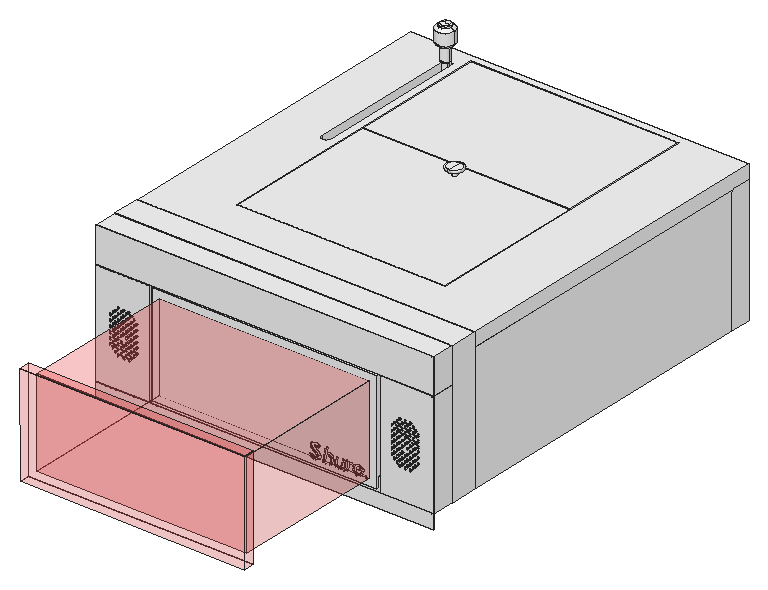
Revit family "Security_ShureSAFE-SPT330", category Generic Models, Revit 2026
Family settings
  Can host rebar = No
  Round Connector Dimension = Use Diameter
  Part Type = Normal
  Work Plane-Based = No
  Always vertical = Yes
  Cut with Voids When Loaded = No
  Maintain Annotation Orientation = No
  Shared = No
  Room Calculation Point = No
Parameters
  URL = "https://www.shuresafe.com/product-category/secure-transaction-drawers/"
  Type Comments = ""
  Specifications = "https://www.arcat.com/company/shure-mfg--corp-35487/spec"
  ProductData = "https://www.arcat.com/arcatcos/cos35/arc35487.html"
  Model = "SPT330"
  Manufacturer = "ShureSAFE"
  Keynote = ""
  Description = ""
  Default Elevation = 0' - 0"
  Cost = 0
  Clearence [instance] = yes
  CADDetails = "https://www.arcat.com/company/shure-mfg--corp-35487/cad"
  Assembly Code = "119713"
Reference planes (in)
  plane 1 "Center (Front/Back)": y = 0
  plane 2: z = 0
  plane 3 "Center (Left/Right)": x = 0
  plane 4: z = 0
  plane 5: y = 7.3758
  plane 6: x = -12
  plane 7: x = 12
  plane 8: z = 8.84375
  plane 9: z = 7.84375
  plane 10: x = -8
  plane 11: x = 8
  plane 12: z = 6.25569
  plane 13: z = 2.63069
  plane 14: y = -4.3742
  plane 15: z = -1.15625
  plane 16: y = 35.3758
Forms (in)
  Extrusion 1, solid, material "ShureSAFE"
    sketch origin (0.01682, 19.6258, 0) x (0, -1, 0) y (1, 0, 0)
      loop
        line (8.57169, -12.01682) -> (8.57169, -11.08521) -> (-14.27497, -11.08521) -> (-14.27497, -12.01682) -> (8.57169, -12.01682)
      loop
        line (8.57102, 11.0802) -> (8.57102, 11.98318) -> (-14.27497, 11.98318) -> (-14.27497, 11.0802) -> (8.57102, 11.0802)
      loop
        line (-15.75, -12.01682) -> (-14.3089, -12.01682) -> (-14.3089, 11.98318) -> (-15.75, 11.98318) -> (-15.75, -12.01682)
    from -1.15625 to 7.84375
  Extrusion 2, solid, not visible
    sketch origin (-1.52417, -6.7296, 0) x (0.707107, -0.707107, 0) y (0, 0, 1)
      loop
        circle (1, 21.8954) r 0.25
    from 0 to 5.8425
  Extrusion 3, solid, not visible
    sketch origin (-1.52417, -6.7296, 0) x (0.707107, -0.707107, 0) y (0, 0, 1)
      loop
        circle (1, 21.8954) r 0.5
    from 5.8125 to 6.125
  Extrusion 4, solid, material "ShureSAFE"
    sketch origin (0, 0, 0) x (1, 0, 0) y (0, 0, 1)
      loop
        line (-12, -2.15625) -> (12, -2.15625) -> (12, -1.15625) -> (-12, -1.15625) -> (-12, -2.15625)
      loop
        line (-8.16676, -1.11719) -> (-8.16676, 6.31607) -> (-12, 6.31607) -> (-12, -1.11719) -> (-8.16676, -1.11719)
      loop
        line (8.22105, -1.11719) -> (12, -1.11719) -> (12, 6.31607) -> (8.22105, 6.31607) -> (8.22105, -1.11719)
      loop
        line (-12, 6.35513) -> (12, 6.35513) -> (12, 8.84375) -> (-12, 8.84375) -> (-12, 6.35513)
      loop
        circle (-10.7469, 3.70058) r 0.09375
      loop
        circle (-10.9344, 3.51308) r 0.09375
      loop
        circle (-10.5594, 3.88808) r 0.09375
      loop
        circle (-10.3719, 4.07558) r 0.09375
      loop
        circle (-10.1844, 3.88808) r 0.09375
      loop
        circle (-9.9969, 4.07558) r 0.09375
      loop
        circle (-9.6219, 4.07558) r 0.09375
      loop
        circle (-9.4344, 3.88808) r 0.09375
      loop
        circle (-10.7469, 3.32558) r 0.09375
      loop
        circle (-10.5594, 3.51308) r 0.09375
      loop
        circle (-10.3719, 3.70058) r 0.09375
      loop
        circle (-9.9969, 3.70058) r 0.09375
      loop
        circle (-9.8094, 3.88808) r 0.09375
      loop
        circle (-9.6219, 3.70058) r 0.09375
      loop
        circle (-9.2469, 3.70058) r 0.09375
      loop
        circle (-9.0594, 3.51308) r 0.09375
      loop
        circle (-9.4344, 3.51308) r 0.09375
      loop
        circle (-9.2469, 3.32558) r 0.09375
      loop
        circle (-10.9344, 3.13808) r 0.09375
      loop
        circle (-10.5594, 3.13808) r 0.09375
      loop
        circle (-10.3719, 3.32558) r 0.09375
      loop
        circle (-10.1844, 3.51308) r 0.09375
      loop
        circle (-9.8094, 3.51308) r 0.09375
      loop
        circle (-9.6219, 3.32558) r 0.09375
      loop
        circle (-9.9969, 3.32558) r 0.09375
      loop
        circle (-10.1844, 3.13808) r 0.09375
      loop
        circle (-10.3719, 2.95058) r 0.09375
      loop
        circle (-10.7469, 2.95058) r 0.09375
      loop
        circle (-10.9344, 2.76308) r 0.09375
      loop
        circle (-10.5594, 2.76308) r 0.09375
      loop
        circle (-10.1844, 2.76308) r 0.09375
      loop
        circle (-9.9969, 2.95058) r 0.09375
      loop
        circle (-9.8094, 3.13808) r 0.09375
      loop
        circle (-9.4344, 3.13808) r 0.09375
      loop
        circle (-9.0594, 3.13808) r 0.09375
      loop
        circle (-9.2469, 2.95058) r 0.09375
      loop
        circle (-9.4344, 2.76308) r 0.09375
      loop
        circle (-9.6219, 2.95058) r 0.09375
      loop
        circle (-9.0594, 2.76308) r 0.09375
      loop
        circle (-9.2469, 2.57558) r 0.09375
      loop
        circle (-9.4344, 2.38808) r 0.09375
      loop
        circle (-9.6219, 2.57558) r 0.09375
      loop
        circle (-9.8094, 2.76308) r 0.09375
      loop
        circle (-9.9969, 2.57558) r 0.09375
      loop
        circle (-10.3719, 2.57558) r 0.09375
      loop
        circle (-10.7469, 2.57558) r 0.09375
      loop
        circle (-10.9344, 2.38808) r 0.09375
      loop
        circle (-10.7469, 2.20058) r 0.09375
      loop
        circle (-10.5594, 2.38808) r 0.09375
      loop
        circle (-10.1844, 2.38808) r 0.09375
      loop
        circle (-9.8094, 2.38808) r 0.09375
      loop
        circle (-9.6219, 2.20058) r 0.09375
      loop
        circle (-9.2469, 2.20058) r 0.09375
      loop
        circle (-9.0594, 2.38808) r 0.09375
      loop
        circle (-9.0594, 2.01308) r 0.09375
      loop
        circle (-9.2469, 1.82558) r 0.09375
      loop
        circle (-9.4344, 2.01308) r 0.09375
      loop
        circle (-9.6219, 1.82558) r 0.09375
      loop
        circle (-9.8094, 2.01308) r 0.09375
      loop
        circle (-9.9969, 1.82558) r 0.09375
      loop
        circle (-10.1844, 2.01308) r 0.09375
      loop
        circle (-10.3719, 2.20058) r 0.09375
      loop
        circle (-10.5594, 2.01308) r 0.09375
      loop
        circle (-10.9344, 2.01308) r 0.09375
      loop
        circle (-10.7469, 1.82558) r 0.09375
      loop
        circle (-10.3719, 1.82558) r 0.09375
      loop
        circle (-10.5594, 1.63808) r 0.09375
      loop
        circle (-10.9344, 1.63808) r 0.09375
      loop
        circle (-10.7469, 1.45058) r 0.09375
      loop
        circle (-10.1844, 1.63808) r 0.09375
      loop
        circle (-10.3719, 1.45058) r 0.09375
      loop
        circle (-10.5594, 1.26308) r 0.09375
      loop
        circle (-9.8094, 1.63808) r 0.09375
      loop
        circle (-9.4344, 1.63808) r 0.09375
      loop
        circle (-9.0594, 1.63808) r 0.09375
      loop
        circle (-9.2469, 1.45058) r 0.09375
      loop
        circle (-9.4344, 1.26308) r 0.09375
      loop
        circle (-9.6219, 1.45058) r 0.09375
      loop
        circle (-9.8094, 1.26308) r 0.09375
      loop
        circle (-9.9969, 1.45058) r 0.09375
      loop
        circle (-10.1844, 1.26308) r 0.09375
      loop
        circle (-10.3719, 1.07558) r 0.09375
      loop
        circle (-9.9969, 1.07558) r 0.09375
      loop
        circle (-9.6219, 1.07558) r 0.09375
      loop
        circle (9.28325, 3.70058) r 0.09375
      loop
        circle (9.09575, 3.51308) r 0.09375
      loop
        circle (9.47075, 3.88808) r 0.09375
      loop
        circle (9.65825, 4.07558) r 0.09375
      loop
        circle (9.84575, 3.88808) r 0.09375
      loop
        circle (10.03325, 4.07558) r 0.09375
      loop
        circle (10.40825, 4.07558) r 0.09375
      loop
        circle (10.59575, 3.88808) r 0.09375
      loop
        circle (9.28325, 3.32558) r 0.09375
      loop
        circle (9.47075, 3.51308) r 0.09375
      loop
        circle (9.65825, 3.70058) r 0.09375
      loop
        circle (10.03325, 3.70058) r 0.09375
      loop
        circle (10.22075, 3.88808) r 0.09375
      loop
        circle (10.40825, 3.70058) r 0.09375
      loop
        circle (10.78325, 3.70058) r 0.09375
      loop
        circle (10.97075, 3.51308) r 0.09375
      loop
        circle (10.59575, 3.51308) r 0.09375
      loop
        circle (10.78325, 3.32558) r 0.09375
      loop
        circle (9.09575, 3.13808) r 0.09375
      loop
        circle (9.47075, 3.13808) r 0.09375
      loop
        circle (9.65825, 3.32558) r 0.09375
      loop
        circle (9.84575, 3.51308) r 0.09375
      loop
        circle (10.22075, 3.51308) r 0.09375
      loop
        circle (10.40825, 3.32558) r 0.09375
      loop
        circle (10.03325, 3.32558) r 0.09375
      loop
        circle (9.84575, 3.13808) r 0.09375
      loop
        circle (9.65825, 2.95058) r 0.09375
      loop
        circle (9.28325, 2.95058) r 0.09375
      loop
        circle (9.09575, 2.76308) r 0.09375
      loop
        circle (9.47075, 2.76308) r 0.09375
      loop
        circle (9.84575, 2.76308) r 0.09375
      loop
        circle (10.03325, 2.95058) r 0.09375
      loop
        circle (10.22075, 3.13808) r 0.09375
      loop
        circle (10.59575, 3.13808) r 0.09375
      loop
        circle (10.97075, 3.13808) r 0.09375
      loop
        circle (10.78325, 2.95058) r 0.09375
      loop
        circle (10.59575, 2.76308) r 0.09375
      loop
        circle (10.40825, 2.95058) r 0.09375
      loop
        circle (10.97075, 2.76308) r 0.09375
      loop
        circle (10.78325, 2.57558) r 0.09375
      loop
        circle (10.59575, 2.38808) r 0.09375
      loop
        circle (10.40825, 2.57558) r 0.09375
      loop
        circle (10.22075, 2.76308) r 0.09375
      loop
        circle (10.03325, 2.57558) r 0.09375
      loop
        circle (9.65825, 2.57558) r 0.09375
      loop
        circle (9.28325, 2.57558) r 0.09375
      loop
        circle (9.09575, 2.38808) r 0.09375
      loop
        circle (9.28325, 2.20058) r 0.09375
      loop
        circle (9.47075, 2.38808) r 0.09375
      loop
        circle (9.84575, 2.38808) r 0.09375
      loop
        circle (10.22075, 2.38808) r 0.09375
      loop
        circle (10.40825, 2.20058) r 0.09375
      loop
        circle (10.78325, 2.20058) r 0.09375
      loop
        circle (10.97075, 2.38808) r 0.09375
      loop
        circle (10.97075, 2.01308) r 0.09375
      loop
        circle (10.78325, 1.82558) r 0.09375
      loop
        circle (10.59575, 2.01308) r 0.09375
      loop
        circle (10.40825, 1.82558) r 0.09375
      loop
        circle (10.22075, 2.01308) r 0.09375
      loop
        circle (10.03325, 1.82558) r 0.09375
      loop
        circle (9.84575, 2.01308) r 0.09375
      loop
        circle (9.65825, 2.20058) r 0.09375
      loop
        circle (9.47075, 2.01308) r 0.09375
      loop
        circle (9.09575, 2.01308) r 0.09375
      loop
        circle (9.28325, 1.82558) r 0.09375
      loop
        circle (9.65825, 1.82558) r 0.09375
      loop
        circle (9.47075, 1.63808) r 0.09375
      loop
        circle (9.09575, 1.63808) r 0.09375
      loop
        circle (9.28325, 1.45058) r 0.09375
      loop
        circle (9.84575, 1.63808) r 0.09375
      loop
        circle (9.65825, 1.45058) r 0.09375
      loop
        circle (9.47075, 1.26308) r 0.09375
      loop
        circle (10.22075, 1.63808) r 0.09375
      loop
        circle (10.59575, 1.63808) r 0.09375
      loop
        circle (10.97075, 1.63808) r 0.09375
      loop
        circle (10.78325, 1.45058) r 0.09375
      loop
        circle (10.59575, 1.26308) r 0.09375
      loop
        circle (10.40825, 1.45058) r 0.09375
      loop
        circle (10.22075, 1.26308) r 0.09375
      loop
        circle (10.03325, 1.45058) r 0.09375
      loop
        circle (9.84575, 1.26308) r 0.09375
      loop
        circle (9.65825, 1.07558) r 0.09375
      loop
        circle (10.03325, 1.07558) r 0.09375
      loop
        circle (10.40825, 1.07558) r 0.09375
    from -7.43575 to -7.3758
  Extrusion 5, solid, material "ShureSAFE"
    sketch origin (0, 0, 0) x (1, 0, 0) y (0, 0, 1)
      loop
        line (-7.95522, -0.97636) -> (7.98228, -0.97636) -> (7.98228, 6.23774) -> (-7.95522, 6.23774) -> (-7.95522, -0.97636)
      loop
        arc (3.19199, -0.29883) -> (3.23238, -0.39804) -> (3.29634, -0.48398) r 0.42416
        arc (3.29634, -0.48398) -> (3.49149, -0.60144) -> (3.71924, -0.60524) r 0.4388
        arc (3.71924, -0.60524) -> (3.89435, -0.52715) -> (4.02274, -0.38474) r 0.46251
        arc (4.02274, -0.38474) -> (4.0289, -0.2528) -> (3.95069, -0.14635) r 0.19795
        line (3.95069, -0.14635) -> (3.53803, 0.19323)
        arc (3.53803, 0.19323) -> (3.53369, 0.24593) -> (3.57788, 0.27495) r 0.05176
        arc (3.57788, 0.27495) -> (3.67418, 0.28495) -> (3.76891, 0.26493) r 0.31181
        arc (3.76891, 0.26493) -> (3.80271, 0.2337) -> (3.81287, 0.1888) r 0.07758
        line (3.81287, 0.1888) -> (4.08939, 0.1888)
        arc (4.08939, 0.1888) -> (4.05867, 0.27087) -> (4.01034, 0.34396) r 0.38839
        arc (4.01034, 0.34396) -> (3.65808, 0.50839) -> (3.30583, 0.34396) r 0.45953
        arc (3.30583, 0.34396) -> (3.24428, 0.20691) -> (3.29766, 0.06648) r 0.19629
        line (3.29766, 0.06648) -> (3.7311, -0.2902)
        arc (3.7311, -0.2902) -> (3.751, -0.33327) -> (3.7311, -0.37634) r 0.05655
        arc (3.7311, -0.37634) -> (3.6213, -0.39441) -> (3.51149, -0.37634) r 0.34273
        arc (3.51149, -0.37634) -> (3.4776, -0.34423) -> (3.46674, -0.29883) r 0.08198
        line (3.46674, -0.29883) -> (3.19199, -0.29883)
      loop
        line (4.30598, 0.51126) -> (4.10652, -0.61994) -> (4.33209, -0.61994) -> (4.41712, -0.13768)
        arc (4.41712, -0.13768) -> (4.57861, -0.03393) -> (4.68661, -0.19261) r 0.13756
        line (4.68661, -0.19261) -> (4.6115, -0.61994) -> (4.83463, -0.61994) -> (4.92651, -0.09886)
        arc (4.92651, -0.09886) -> (4.76639, 0.16779) -> (4.46015, 0.11345) r 0.27429
        line (4.46015, 0.11345) -> (4.53029, 0.51126) -> (4.30598, 0.51126)
      loop
        circle (7.25344, -0.49017) r 0.07928
      loop
        line (5.24188, 0.11168) -> (5.01875, 0.11168) -> (4.94341, -0.3156)
        arc (4.94341, -0.3156) -> (5.09696, -0.58085) -> (5.40323, -0.56931) r 0.29714
        line (5.40323, -0.56931) -> (5.3943, -0.61994) -> (5.61743, -0.61994) -> (5.74644, 0.11168) -> (5.52331, 0.11168) -> (5.44433, -0.33622)
        arc (5.44433, -0.33622) -> (5.28641, -0.43379) -> (5.17138, -0.2881) r 0.1395
        line (5.17138, -0.2881) -> (5.24188, 0.11168)
      loop
        line (6.08462, 0.11168) -> (5.84321, 0.11168) -> (5.71421, -0.61994) -> (5.95561, -0.61994) -> (6.03526, -0.16824)
        arc (6.03526, -0.16824) -> (6.12046, -0.0696) -> (6.25064, -0.07601) r 0.14867
        line (6.25064, -0.07601) -> (6.29054, 0.11168)
        arc (6.29054, 0.11168) -> (6.17774, 0.10295) -> (6.0748, 0.05601) r 0.32443
        line (6.0748, 0.05601) -> (6.08462, 0.11168)
      loop
        line (6.55831, -0.15703) -> (6.85282, -0.15703)
        arc (6.85282, -0.15703) -> (6.81074, -0.06582) -> (6.71564, -0.03351) r 0.12731
        arc (6.71564, -0.03351) -> (6.61829, -0.07147) -> (6.55831, -0.15703) r 0.18041
      loop
        arc (6.8155, -0.3271) -> (6.72542, -0.39512) -> (6.61257, -0.39304) r 0.17287
        arc (6.61257, -0.39304) -> (6.54755, -0.33837) -> (6.53272, -0.25473) r 0.12451
        line (6.53272, -0.25473) -> (7.11793, -0.25473)
        arc (7.11793, -0.25473) -> (6.70231, 0.16089) -> (6.28669, -0.25473) r 0.41562
        arc (6.28669, -0.25473) -> (6.38549, -0.50255) -> (6.6277, -0.6144) r 0.36018
        arc (6.6277, -0.6144) -> (6.9076, -0.53869) -> (7.10585, -0.3271) r 0.53039
        line (7.10585, -0.3271) -> (6.8155, -0.3271)
    from -8.17468 to -7.3758
  Extrusion 6, solid, material "ShureSAFE"
    sketch origin (0, 0.05995, 0) x (1, 0, 0) y (0, 0, 1)
      loop
        line (-8.16676, 6.31607) -> (-12, 6.31607) -> (-12, -1.15625) -> (12, -1.15625) -> (12, 6.31607) -> (8.22105, 6.31607) -> (8.22105, -0.15625) -> (-8.16676, -0.15625) -> (-8.16676, 6.31607)
      loop
        line (-12, 6.35513) -> (12, 6.35513) -> (12, 8.84375) -> (-12, 8.84375) -> (-12, 6.35513)
    from -8.95612 to -7.3758
  Extrusion 7, solid, material "Projection", visible <- "Clearence"
    sketch origin (0, 0, 0) x (1, 0, 0) y (0, 0, 1)
      loop
        line (7.48228, 5.73774) -> (-7.45522, 5.73774) -> (-7.45522, -0.47636) -> (7.48228, -0.47636) -> (7.48228, 5.73774)
    from -7.3758 to 3.57532
  Extrusion 8, solid, material "ShureSAFE"
    sketch origin (0, 0.05995, 0) x (1, 0, 0) y (0, 0, 1)
      loop
        line (2.98972, -0.76878) -> (7.48972, -0.76878) -> (7.48972, 0.56763) -> (2.98972, 0.56763) -> (2.98972, -0.76878)
    from -7.43575 to -7.3758
  Extrusion 9, solid, material "ShureSAFE"
    sketch origin (0.01682, 19.6258, 0) x (0, -1, 0) y (1, 0, 0)
      loop
        line (10.56824, -12.01682) -> (10.56824, 11.98318) -> (8.60685, 11.98318) -> (8.60685, -12.01682) -> (10.56824, -12.01682)
    from -1.15625 to 8.84375
  Extrusion 10, solid, material "ShureSAFE"
    sketch origin (0.01682, 19.6258, 1) x (0, -1, 0) y (1, 0, 0)
      loop
        line (8.57169, -12.01682) -> (8.57169, 11.98318) -> (-15.75, 11.98318) -> (-15.75, -12.01682) -> (8.57169, -12.01682)
      loop
        line (5.57169, -7.35023) -> (5.57169, 7.46427) -> (-15.25, 7.46427) -> (-15.25, -7.35023) -> (5.57169, -7.35023)
      loop
        arc (-3.46289, -8.52195) -> (-3.15039, -8.20945) -> (-3.46289, -7.89695) r 0.3125
        line (-3.46289, -7.89695) -> (-14.16783, -7.89695)
        arc (-14.16783, -7.89695) -> (-14.48033, -8.20945) -> (-14.16783, -8.52195) r 0.3125
        line (-14.16783, -8.52195) -> (-3.46289, -8.52195)
    from 6.87276 to 7.84375
  Extrusion 11, solid, material "ShureSAFE"
    sketch origin (0.01682, 20.50276, 8.59375) x (0, -1, 0) y (1, 0, 0)
      loop
        line (-14.33789, -7.31507) -> (-4.71427, -7.31507) -> (-4.71427, 7.42911) -> (-14.33789, 7.42911) -> (-14.33789, -7.31507)
      loop
        line (6.41349, 7.42911) -> (-4.67912, 7.42911) -> (-4.67912, -7.31507) -> (6.41349, -7.31507) -> (6.41349, 7.42911)
    from 0 to 0.25
  Revolve 12, solid, material "ShureSAFE"
    sketch origin (0, 34.51503, 4.08468) x (0, -1, 0) y (0, 0, 1)
      loop
        line (10.40194, 4.75907) -> (10.40194, 5.16912) -> (10.78475, 5.16912)
        arc (10.78475, 5.16912) -> (10.84995, 5.23432) -> (10.78475, 5.29952) r 0.0652
        line (10.78475, 5.29952) -> (10.2535, 5.29952) -> (10.2535, 4.75907) -> (10.40194, 4.75907)
      axis (10.2535, 4.75907) -> (10.2535, 5.29952)
    angle from 0 to 360
  Revolve 13, solid, material "ShureSAFE"
    sketch origin (-0.86625, 33.66319, 2.7807) x (1, 0, 0) y (0, 0, 1)
      loop
        line (-7.31611, 8.76515) -> (-7.31611, 4.86155) -> (-7.12754, 4.86155) -> (-7.12754, 6.31999) -> (-7.08405, 6.31999) -> (-6.9903, 6.41374) -> (-6.9903, 7.28141) -> (-7.07118, 7.28141)
        arc (-7.07118, 7.28141) -> (-6.84921, 7.39673) -> (-6.6778, 7.5789) r 0.74651
        line (-6.6778, 7.5789) -> (-6.6778, 8.4113)
        arc (-6.6778, 8.4113) -> (-6.7633, 8.51956) -> (-6.86928, 8.60788) r 0.66556
        line (-6.86928, 8.60788) -> (-6.93742, 8.60788) -> (-6.93742, 8.66046)
        arc (-6.93742, 8.66046) -> (-6.95289, 8.69255) -> (-6.98154, 8.71372) r 0.07417
        arc (-6.98154, 8.71372) -> (-7.14686, 8.75222) -> (-7.31611, 8.76515) r 1.11403
      axis (-7.31611, 8.76515) -> (-7.31611, 4.86155)
    angle from 0 to 360
  Extrusion 14, solid, material "Projection", visible <- "Clearence"
    sketch origin (0, -11.75, 0) x (1, 0, 0) y (0, 0, 1)
      loop
        line (-8, 6.25569) -> (-8, -0.99431) -> (8, -0.99431) -> (8, 6.25569) -> (-8, 6.25569)
    from -8.17468 to -7.3758
  Extrusion 15, solid, material "ShureSAFE"
    sketch origin (0.01682, 19.6258, -1.15625) x (0, -1, 0) y (1, 0, 0)
      loop
        line (-14.3089, -11.08521) -> (8.57169, -11.08521) -> (8.57169, 11.08063) -> (-14.3089, 11.08063) -> (-14.3089, -11.08521)
    from 0 to 0.25
Dimensions and locks (in)
  Extrusion 6 to Extrusion 6 = 2' - 0"
  Extrusion 4 to Extrusion 4 = 0' - 11"
  Extrusion 4 to Extrusion 4 = 0' - 10"
  Extrusion 10 to Extrusion 10 = 2' - 0"
  plane 16 to plane 5 to plane 14 = 2' - 4", 0' - 11 3/4"
  plane 5 to plane 14 = 0' - 11 3/4"
  Extrusion 14 to Extrusion 14 = 0' - 7 1/4"
  Extrusion 14 to Extrusion 14 = 1' - 4"
  plane 14 to plane 5 to plane 16 = 0' - 11 3/4", 2' - 4"
  plane 15 to plane 8 = 0' - 10"  (x2)
  Extrusion 4 to plane 8 = 0' - 11"  (x2)
  plane 16 to plane 5 = 2' - 4"
  aligned and locked: plane 2 to level
